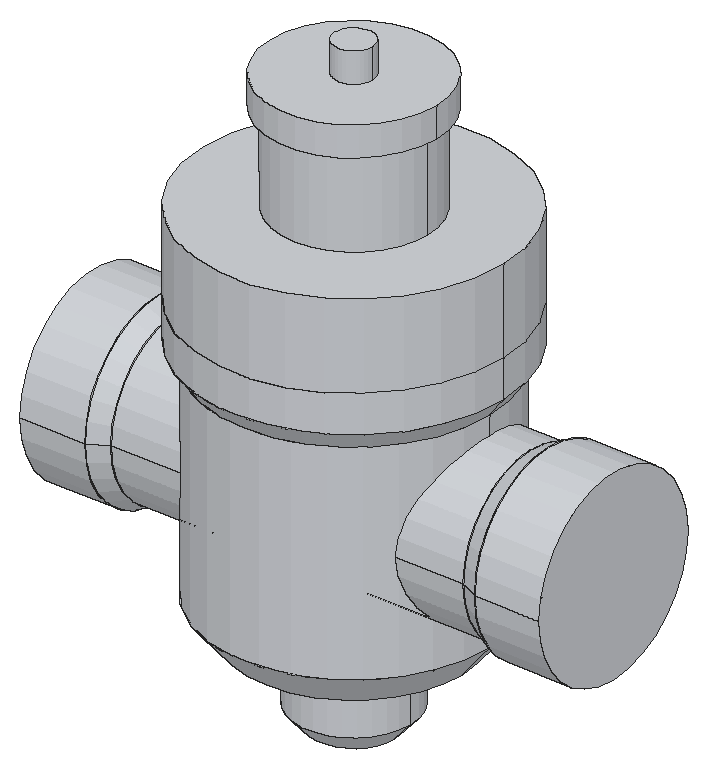
Revit family "VSX26P_DN20_PN16_RFA_2018", category Pipe Accessories, Revit 2018
Family settings
  Round Connector Dimension = Use Diameter
  Part Type = Valve - Breaks Into
  Work Plane-Based = No
  Always vertical = Yes
  Cut with Voids When Loaded = No
  Shared = No
Parameters (values of type "VSX26P G3/4  PN16 kvs6,0")
  magiProductId = ""
  magiProductFamilyId = ""
  magiPartTypeId = 306
  isMeasuringValve [instance] = no
  ang2D [instance] = 0.00°
  Z8 = 4 mm
  Z7__ve = -Z7  # -3.2 mm
  Z7 = 3.2 mm
  Z5 = 9.1 mm
  Z3 = 2 mm
  Z2 = 4.8 mm
  Z1 = 3.6 mm
  X4__ve = -X4  # -7 mm
  X4 = 7 mm
  X3 = 38 mm
  W2D = 15 mm
  VersionID = ""
  Use Minimum Symbol Size [instance] = yes
  URL = "www.hydronix.cz"
  Type Comments = "Závitový, vnější závit, ploché těsnění; LIN charakteristika; PN16; +5~+95°C; max.rychlost proudění 3,0 m/s"
  R9 = 9 mm
  R8 = 2 mm
  R7 = 16.17 mm
  R6 = 11.76 mm
  R5 = 7.409 mm
  R4 = 6.174 mm
  R3 = 4.41 mm
  R2 = 14.7 mm
  R10 = 8 mm
  R1 = 9 mm
  QmdConnectorList = "301;D;302;D"
  Productdata [instance] = ""
  Manufacturer = "Hydronix"
  MC Product Code = "VSX26P (G3/4\"; dpmax=150kPa; kvs 6,0)"
  LT2 = 21 mm
  L2D_Min = 3048 mm
  L2D = 38 mm
  H1 = 22.5 mm
  H = 26 mm
  E = 16 mm
  Description = "2 cestný regulační ventil malých spotřebičů, DN20; zdvih 2,5mm; max dp 150kPa; kvs6,0"
  DT2 = 10 mm
  D = 20 mm
  CAT0 = yes
  C = 24 mm
Types (8, lengths in mm): name | Z5 | Z2 | Z1 | X3 | R7 | R6 | R5 | R4 | R3 | R2 | R1 | MC Product Code | LT2 | H | Description | DT2 | D | C
  VSX09P G1/2  PN16 kvs0,25 | 9.45 | 4.6 | 3.45 | 34 | 14.63 | 10.64 | 6.703 | 5.586 | 3.99 | 13.3 | 6.75 | "VSX09P (G1/2\"; dpmax=250kPa; kvs 0,25)" | 19 | 27 | "2 cestný regulační ventil malých spotřebičů, DN15; zdvih 2,5mm; max dp 250kPa; kvs0,25" | 7.5 | 15 | 23
  VSX10P G1/2  PN16 kvs0,4 | 9.45 | 4.6 | 3.45 | 34 | 14.63 | 10.64 | 6.703 | 5.586 | 3.99 | 13.3 | 6.75 | "VSX10P (G1/2\"; dpmax=250kPa; kvs 0,4)" | 19 | 27 | "2 cestný regulační ventil malých spotřebičů, DN15; zdvih 2,5mm; max dp 250kPa; kvs0,4" | 7.5 | 15 | 23
  VSX11P G1/2  PN16 kvs0,6 | 9.45 | 4.6 | 3.45 | 34 | 14.63 | 10.64 | 6.703 | 5.586 | 3.99 | 13.3 | 6.75 | "VSX11P (G1/2\"; dpmax=250kPa; kvs 0,6)" | 19 | 27 | "2 cestný regulační ventil malých spotřebičů, DN15; zdvih 2,5mm; max dp 250kPa; kvs0,6" | 7.5 | 15 | 23
  VSX12P G1/2  PN16 kvs1,0 | 9.45 | 4.6 | 3.45 | 34 | 14.63 | 10.64 | 6.703 | 5.586 | 3.99 | 13.3 | 6.75 | "VSX12P (G1/2\"; dpmax=250kPa; kvs 1,0)" | 19 | 27 | "2 cestný regulační ventil malých spotřebičů, DN15; zdvih 2,5mm; max dp 250kPa; kvs1,0" | 7.5 | 15 | 23
  VSX13P G1/2  PN16 kvs1,6 | 9.45 | 4.6 | 3.45 | 34 | 14.63 | 10.64 | 6.703 | 5.586 | 3.99 | 13.3 | 6.75 | "VSX13P (G1/2\"; dpmax=250kPa; kvs 1,6)" | 19 | 27 | "2 cestný regulační ventil malých spotřebičů, DN15; zdvih 2,5mm; max dp 250kPa; kvs1,6" | 7.5 | 15 | 23
  VSX21P G3/4  PN16 kvs2,5 | 9.1 | 4.8 | 3.6 | 38 | 16.17 | 11.76 | 7.409 | 6.174 | 4.41 | 14.7 | 9 | "VSX21P (G3/4\"; dpmax=150kPa; kvs 2,5)" | 21 | 26 | "2 cestný regulační ventil malých spotřebičů, DN20; zdvih 2,5mm; max dp 150kPa; kvs2,5" | 10 | 20 | 24
  VSX24P G3/4  PN16 kvs4,0 | 9.1 | 4.8 | 3.6 | 38 | 16.17 | 11.76 | 7.409 | 6.174 | 4.41 | 14.7 | 9 | "VSX24P (G3/4\"; dpmax=150kPa; kvs 4,0)" | 21 | 26 | "2 cestný regulační ventil malých spotřebičů, DN20; zdvih 2,5mm; max dp 150kPa; kvs4,0" | 10 | 20 | 24
  VSX26P G3/4  PN16 kvs6,0 | 9.1 | 4.8 | 3.6 | 38 | 16.17 | 11.76 | 7.409 | 6.174 | 4.41 | 14.7 | 9 | "VSX26P (G3/4\"; dpmax=150kPa; kvs 6,0)" | 21 | 26 | "2 cestný regulační ventil malých spotřebičů, DN20; zdvih 2,5mm; max dp 150kPa; kvs6,0" | 10 | 20 | 24
Reference planes
  plane 1 "Center (Front/Back)": y = 0
  plane 2 "XYPLANE": z = 0
  plane 3 "Center (Left/Right)": x = 0
  plane 4 "271": z = 35.6
  plane 5 "254": z = 10.9
  plane 6 "253": z = 16.9
  plane 7 "148": z = 38.8
  plane 8 "132": z = 42
  plane 9 "62": z = 12.9
  plane 10 "53": z = 26
  plane 11 "52": z = -11.6
  plane 12 "48": z = -15.2
  plane 13 "47": z = -17.2
  plane 14 "38": z = -22
  plane 15 "37": x = 19
  plane 16 "36": x = 21
  plane 17 "23": z = -24
  plane 18 "19": x = -19
  plane 19 "15": x = -21
  plane 20 "6": x = 28
  plane 21 "5": x = -28
  plane 22 "3": z = 0
  plane 23 "2": y = 0
  plane 24 "1": x = 0
Forms (mm)
  Extrusion 1, solid, visible <- "CAT0"
    sketch origin (-750, 0, 42) x (1, 0, 0) y (0, 1, 0)
      loop
        circle (750, 0) r 2
    from 0 to -3.2 <- "Z7__ve"
  Extrusion 2, solid, visible <- "CAT0"
    sketch origin (-750, 0, 35.6) x (1, 0, 0) y (0, 1, 0)
      loop
        circle (750, 0) r 8
    from 0 to -19
  Extrusion 3, solid, visible <- "CAT0"
    sketch origin (-19, -750, 0) x (0, 1, 0) y (0, 0, 1)
      loop
        circle (750, 0) r 9
    from 0 to 38 <- "X3"
  Extrusion 4, solid
    sketch origin (-750, 0, 12.9) x (1, 0, 0) y (0, 1, 0)
      loop
        circle (750, 0) r 16.17
    from 0 to 4 <- "Z8"
  Extrusion 5, solid
    sketch origin (-750, 0, 38.8) x (1, 0, 0) y (0, 1, 0)
      loop
        circle (750, 0) r 9
    from 0 to -3.2 <- "Z7__ve"
  Extrusion 6, solid
    sketch origin (-750, 0, 16.9) x (1, 0, 0) y (0, 1, 0)
      loop
        circle (750, 0) r 16.17
    from 0 to 9.1 <- "Z5"
  Blend 7, solid
    base sketch origin (-750, 0, 10.9) x (1, 0, 0) y (0, 1, 0)
      loop
        circle (750, 0) r 14.7
    top sketch origin (-750, 0, 10.9) x (1, 0, 0) y (0, 1, 0)
      loop
        circle (750, 0) r 16.17
    from 0 to 2
  Blend 8, solid
    base sketch origin (-750, 0, -11.6) x (1, 0, 0) y (0, 1, 0)
      loop
        circle (750, 0) r 14.7
    top sketch origin (-750, 0, -11.6) x (1, 0, 0) y (0, 1, 0)
      loop
        circle (750, 0) r 11.76
    from 0 to -3.6
  Blend 9, solid
    base sketch origin (-750, 0, -15.2) x (1, 0, 0) y (0, 1, 0)
      loop
        circle (750, 0) r 7.409
    top sketch origin (-750, 0, -15.2) x (1, 0, 0) y (0, 1, 0)
      loop
        circle (750, 0) r 6.174
    from 0 to -2
  Extrusion 10, solid
    sketch origin (-750, 0, -22) x (1, 0, 0) y (0, 1, 0)
      loop
        circle (750, 0) r 6.174
    from 0 to 4.8 <- "Z2"
  Blend 11, solid
    base sketch origin (-750, 0, -24) x (1, 0, 0) y (0, 1, 0)
      loop
        circle (750, 0) r 4.41
    top sketch origin (-750, 0, -24) x (1, 0, 0) y (0, 1, 0)
      loop
        circle (750, 0) r 6.174
    from 0 to 2
  Extrusion 12, solid
    sketch origin (28, -750, 0) x (0, 1, 0) y (0, 0, 1)
      loop
        circle (750, 0) r 10
    from 0 to -7 <- "X4__ve"
  Blend 13, solid
    base sketch origin (21, -750, 0) x (0, 1, 0) y (0, 0, 1)
      loop
        circle (750, 0) r 10
    top sketch origin (21, -750, 0) x (0, 1, 0) y (0, 0, 1)
      loop
        circle (750, 0) r 9
    from 0 to -2
  Extrusion 14, solid
    sketch origin (-750, 0, -11.6) x (1, 0, 0) y (0, 1, 0)
      loop
        circle (750, 0) r 14.7
    from 0 to 22.5 <- "H1"
  Blend 15, solid
    base sketch origin (-21, -750, 0) x (0, 1, 0) y (0, 0, 1)
      loop
        circle (750, 0) r 10
    top sketch origin (-21, -750, 0) x (0, 1, 0) y (0, 0, 1)
      loop
        circle (750, 0) r 9
    from 0 to 2
  Extrusion 16, solid
    sketch origin (-28, -750, 0) x (0, 1, 0) y (0, 0, 1)
      loop
        circle (750, 0) r 10
    from 0 to 7 <- "X4"
  Extrusion 17, solid, not visible
    sketch origin (21, -750, 0) x (0, 1, 0) y (0, 0, 1)
      loop
        circle (750, 0) r 10
    from 0 to -10
  Extrusion 18, solid, not visible
    sketch origin (-21, -750, 0) x (0, 1, 0) y (0, 0, 1)
      loop
        circle (750, 0) r 10
    from 0 to 10
Lines and regions (mm)
  reference lines, not visible
    curve 1: circle (2, 2, 0) r 1 normal (0, 0, 1)
Dimensions and locks
  plane 1 "Center (Front/Back)" to curve 1 = 2 mm
  "Z7": plane 7 "148" to plane 4 "271"
  "Z3": plane 9 "62" to plane 5 "254"
  "Z5": plane 10 "53" to plane 6 "253"
  "Z7": plane 8 "132" to plane 7 "148"
  "E": plane 10 "53" to plane 8 "132"
  "Z8": plane 6 "253" to plane 9 "62"
  "H": plane 2 "XYPLANE" to plane 10 "53"
  "Z1": plane 12 "48" to plane 11 "52"
  "Z3": plane 13 "47" to plane 12 "48"
  "Z2": plane 14 "38" to plane 13 "47"
  "Z3": plane 17 "23" to plane 14 "38"
  locked: plane 16 "36" to plane 15 "37" at 2
  "LT2": plane 3 "Center (Left/Right)" to plane 16 "36"
  "C": plane 2 "XYPLANE" to plane 17 "23"
  locked: plane 19 "15" to plane 18 "19" at 2
  "LT2": plane 3 "Center (Left/Right)" to plane 19 "15"
  "X4": plane 16 "36" to plane 20 "6"
  "X4": plane 19 "15" to plane 21 "5"
  locked: plane 2 "XYPLANE" to plane 22 "3"
  locked: plane 1 "Center (Front/Back)" to plane 23 "2"
  locked: plane 3 "Center (Left/Right)" to plane 24 "1"
  "R8": radius of Extrusion 1 sketch curve
  "R10": radius of Extrusion 2 sketch curve
  "R1": radius of Extrusion 3 sketch curve
  "R7": radius of Extrusion 4 sketch curve
  "R9": radius of Extrusion 5 sketch curve
  "R7": radius of Extrusion 6 sketch curve
  "R7": radius of Blend 7 sketch curve
  "R2": radius of Blend 7 sketch curve
  "R6": radius of Blend 8 sketch curve
  "R2": radius of Blend 8 sketch curve
  "R4": radius of Blend 9 sketch curve
  "R5": radius of Blend 9 sketch curve
  "R4": radius of Extrusion 10 sketch curve
  "R4": radius of Blend 11 sketch curve
  "R3": radius of Blend 11 sketch curve
  "DT2": radius of Extrusion 12 sketch curve
  "R1": radius of Blend 13 sketch curve
  "DT2": radius of Blend 13 sketch curve
  "R2": radius of Extrusion 14 sketch curve
  "R1": radius of Blend 15 sketch curve
  "DT2": radius of Blend 15 sketch curve
  "DT2": radius of Extrusion 16 sketch curve
  aligned and locked: level to plane 2 "XYPLANE"
  aligned and locked: plane 23 "2" to Extrusion 1 sketch curve
  aligned and locked: plane 24 "1" to Extrusion 1 sketch curve
  aligned and locked: plane 23 "2" to Extrusion 2 sketch curve
  aligned and locked: plane 24 "1" to Extrusion 2 sketch curve
  aligned and locked: plane 22 "3" to Extrusion 3 sketch curve
  aligned and locked: Extrusion 3 sketch curve to plane 23 "2"
  aligned and locked: plane 23 "2" to Extrusion 4 sketch curve
  aligned and locked: plane 24 "1" to Extrusion 4 sketch curve
  aligned and locked: plane 23 "2" to Extrusion 5 sketch curve
  aligned and locked: plane 24 "1" to Extrusion 5 sketch curve
  aligned and locked: plane 23 "2" to Extrusion 6 sketch curve
  aligned and locked: plane 24 "1" to Extrusion 6 sketch curve
  aligned and locked: plane 23 "2" to Blend 7 sketch curve  (x2)
  aligned and locked: plane 24 "1" to Blend 7 sketch curve  (x2)
  aligned and locked: plane 9 "62" to Blend 7
  aligned and locked: plane 23 "2" to Blend 8 sketch curve  (x2)
  aligned and locked: plane 24 "1" to Blend 8 sketch curve  (x2)
  aligned and locked: Blend 8 to plane 12 "48"
  aligned and locked: plane 23 "2" to Blend 9 sketch curve  (x2)
  aligned and locked: plane 24 "1" to Blend 9 sketch curve  (x2)
  aligned and locked: Blend 9 to plane 13 "47"
  aligned and locked: plane 23 "2" to Extrusion 10 sketch curve
  aligned and locked: plane 24 "1" to Extrusion 10 sketch curve
  aligned and locked: plane 23 "2" to Blend 11 sketch curve  (x2)
  aligned and locked: plane 24 "1" to Blend 11 sketch curve  (x2)
  aligned and locked: plane 14 "38" to Blend 11
  aligned and locked: plane 22 "3" to Extrusion 12 sketch curve
  aligned and locked: Extrusion 12 sketch curve to plane 23 "2"
  aligned and locked: plane 22 "3" to Blend 13 sketch curve  (x2)
  aligned and locked: Blend 13 sketch curve to plane 23 "2"  (x2)
  aligned and locked: Blend 13 to plane 15 "37"
  aligned and locked: plane 23 "2" to Extrusion 14 sketch curve
  aligned and locked: plane 24 "1" to Extrusion 14 sketch curve
  aligned and locked: plane 22 "3" to Blend 15 sketch curve  (x2)
  aligned and locked: Blend 15 sketch curve to plane 23 "2"  (x2)
  aligned and locked: plane 18 "19" to Blend 15
  aligned and locked: plane 22 "3" to Extrusion 16 sketch curve
  aligned and locked: Extrusion 16 sketch curve to plane 23 "2"
  aligned and locked: plane 22 "3" to Extrusion 17 sketch curve
  aligned and locked: Extrusion 17 sketch curve to plane 23 "2"
  aligned and locked: plane 22 "3" to Extrusion 18 sketch curve
  aligned and locked: Extrusion 18 sketch curve to plane 23 "2"
Automatic sketch dimensions
  plane 1 "Center (Front/Back)" to Extrusion 17 sketch curve = 10 mm
  plane 1 "Center (Front/Back)" to Extrusion 18 sketch curve = 10 mm
  plane 3 "Center (Left/Right)" to curve 1 = 2 mm
  radius of curve 1 = 1 mm
Connectors
  piping at (-21, 0, 0), diameter 20, driven by "D"
    settings: on Extrusion 18, index 1, connector inside diameter 609.6 mm, connector length 0 mm, flow factor 0, pipe flow 0.0 L/s, pressure drop 0.0 Pa, fitting loss kfactor 0, connector angle 0.00°, fixture units 0, engagement length 0 mm, angle of deflection 0.00°, flow configuration 0, flow direction 0, fitting loss method 0, system type 29, joint type 0, gender type 0, connector reference index 2, connector utility 0, adjustable connector no, is connector primary yes, connector description ""
  piping at (21, 0, 0), diameter 20, driven by "D"
    settings: on Extrusion 17, index 2, connector inside diameter 609.6 mm, connector length 0 mm, flow factor 0, pipe flow 0.0 L/s, pressure drop 0.0 Pa, fitting loss kfactor 0, connector angle 0.00°, fixture units 0, engagement length 0 mm, angle of deflection 0.00°, flow configuration 0, flow direction 0, fitting loss method 0, system type 29, joint type 0, gender type 0, connector reference index 1, connector utility 0, adjustable connector no, is connector primary no, connector description ""
